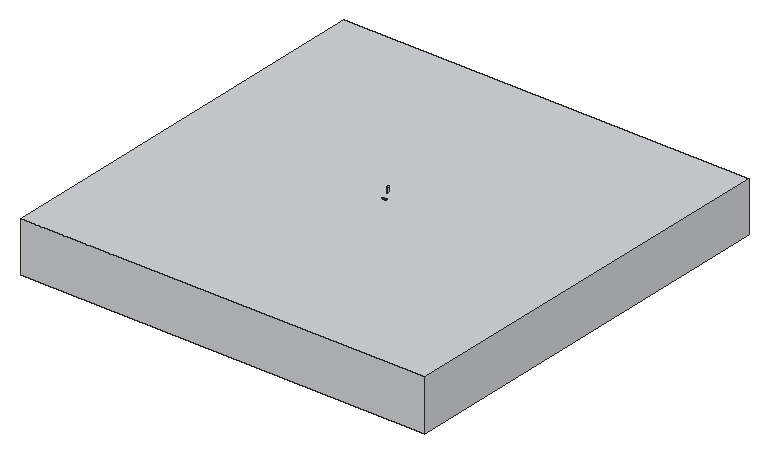
Revit family "IS_TonicII_Multiproduct_BIM_DE_A6326;A6327", category Plumbing Fixtures, host Face, Revit 2015
Parameters (values of type "A6327AA -")
  WorkingPressure = "1-5 Bar"
  WarrantyStartDate = "1900-12-31T23:59:59"
  WarrantyGuarantorParts = "n/a"
  WarrantyGuarantorLabor = "n/a"
  WarrantyDurationUnit = "n/a"
  WarrantyDurationParts = "n/a"
  WarrantyDurationLabor = "n/a"
  WarrantyDescription = "n/a"
  VolumeUnits = "Litres"
  Version = "1"
  Uniclass2015Version = "Products v1.1"
  Uniclass2015Title = "Water supply fittings for wash basins and troughs"
  Uniclass2015Code = "Pr_40_20_87_98"
  URL = "www.idealstandard.com"
  TestPressure = "10 Bar"
  TagNumber = "n/a"
  SustainabilityPerformance = "n/a"
  SpareParts = "www.idealstandard.de/ersatzteile"
  Space = "Internal"
  Size = "155 x 145 x 51 mm"
  Shape = "Sculptured"
  SerialNumber = "n/a"
  Revision = "n/a"
  ReplacementCost = "n/a"
  ProductInformation = "www.idealstandard.de/produkte"
  Phone = "+49228 5210"
  NominalWidth = 51 mm
  NominalLength = 145 mm
  NominalHeight = 154.569 mm
  NominalDepth = 145 mm
  NettWeight = "1.8 Kg"
  Name = "WashBasinTaps_TonicII_A6327_IdealStandard"
  NBSTypeID = "n/a"
  NBSReference = "45-35-70/371"
  NBSOfficeMasterTag = "n/a"
  NBSNote = "n/a"
  NBSDescription = "Water supply fitting for wash basins and troughs"
  NBSCertification = "n/a"
  ModelReference = "Tonic ii single lever basin mixer with pop-up waste"
  ModelNumber = "A6326AA"
  Model = "A6326AA"
  ManufacturerURL = "www.idealstandard.com"
  Manufacturer = "idealstandard.de@idealstandard.com"
  LinearUnits = "millimeters"
  InstallationInstructions = "www.idealstandard.de\\produkte"
  InstallationDate = "1900-12-31T23:59:59"
  IfcExportType = "FAUCET"
  IfcExportAs = "IfcValveType"
  Help = "idealstandard.de@idealstandard.com"
  GrossWeight = "n/a"
  Grade = "n/a"
  Finish = "Chrome"
  Features = "TONIC II single lever one hole basin mixer with pop-up waste"
  FaucetType = "Other"
  FaucetTopDescription = "Lever"
  FaucetOperation = "Other"
  FaucetFunction = "MIXED"
  ExpectedLife = "25"
  DurationUnit = "year"
  DistributedBy = "n/a"
  Description = "A6326AA TONIC II single lever one hole basin mixer with pop-up waste"
  Default Elevation = 1219.2 mm
  CurrencyUnit = "n/a"
  Constituents = "n/a"
  ConnectionType = "Plumbing"
  Brand = "Ideal Standard"
  BarCode = "4015413334938"
  BIMObjectName = "ISI_IdealStandard_WashBasinTaps_TonicII_A6327"
  Author = "Ideal Standard GmbH"
  AssetType = "Fixed"
  AssetIdentifier [instance] = "n/a"
  Assembly Code = "C1030200"
  AreaUnits = "millimeters"
  AreaMeasurement = "n/a"
  AccessibilityPerformance = "n/a"
  A6326AA = yes
Types (2, lengths in mm): name | Size | NominalLength | NominalDepth | Name | BIMObjectName
  A6326AA - | "155 x 0 x 51 mm" | 0 | 0 | "WashBasinTaps_TonicII_A6326_IdealStandard" | "ISI_IdealStandard_WashBasinTaps_TonicII_A6326"
  A6327AA - | "155 x 145 x 51 mm" | 145 | 145 | "WashBasinTaps_TonicII_A6327_IdealStandard" | "ISI_IdealStandard_WashBasinTaps_TonicII_A6327"
Reference planes
  plane 1 "Center (Front/Back)": y = 0
  plane 2: z = 0
  plane 3 "Center (Left/Right)": x = 0
  plane 4: x = 7
  plane 5: y = 24.026
  plane 6: z = 22
  plane 7: z = 55
  plane 8: z = 154.569
Forms (mm)
  Extrusion 1, solid
    sketch origin (0, 0, 0) x (1, 0, 0) y (0, 1, 0)
      loop
        line (-1219.2, 1219.2) -> (-1219.2, -1219.2) -> (1219.2, -1219.2) -> (1219.2, 1219.2) -> (-1219.2, 1219.2)
    from 0 to -304.8
  Extrusion 2, solid, material "ISI_IdealStandard_Brassware_Chrome3_Render", detail levels medium+fine
    sketch origin (0, 0, 0) x (1, 0, 0) y (0, 1, 0)
      loop
        circle (7, 0) r 5
      loop
        circle (-7, 0) r 5
    from 0 to -100
  Extrusion 3, solid, material "ISI_IdealStandard_Brassware_Chrome3_Render", visible <- "A6326AA", detail levels medium+fine
    sketch origin (-13.5, 24.026, 1219.2) x (-1, 0, 0) y (0, 0, 1)
      loop
        arc (-9.5, -1168.2) -> (-13.5, -1164.2) -> (-17.5, -1168.2) r 4
        line (-17.5, -1168.2) -> (-17.5, -1193.2)
        arc (-17.5, -1193.2) -> (-13.5, -1197.2) -> (-9.5, -1193.2) r 4
        line (-9.5, -1193.2) -> (-9.5, -1168.2)
    from 0 to 8
Dimensions and locks
  "NominalHeight": plane 8 to plane 2
  "NominalWidth": nested 2 to nested 2
  aligned and locked: plane 2 to Extrusion 1
  aligned and locked: level to Extrusion 1
  aligned and locked: plane 3 "Center (Left/Right)" to nested 1
  aligned and locked: plane 1 "Center (Front/Back)" to nested 1
  aligned and locked: plane 1 "Center (Front/Back)" to nested 2
  aligned and locked: plane 3 "Center (Left/Right)" to nested 2
Automatic sketch dimensions
  Extrusion 1 sketch curve to Extrusion 1 sketch curve = 2438.4 mm  (x2)
  plane 1 "Center (Front/Back)" to Extrusion 2 sketch curve = 0 mm  (x2)
  Extrusion 2 sketch curve to plane 4 = 0 mm
  Extrusion 2 sketch curve to plane 3 "Center (Left/Right)" = 7 mm
  Extrusion 3 sketch curve to plane 3 "Center (Left/Right)" = 0 mm
  Extrusion 3 sketch curve to plane 4 = 3 mm
  plane 6 to Extrusion 3 sketch curve = 4 mm
  Extrusion 3 sketch curve to plane 7 = 4 mm
  radius of Extrusion 2 sketch curve = 5 mm  (x2)
Nested families
  nested 1: "a6326aa_bim" at (0, 0, 0), type "a6326aa_bim", detail levels medium+fine
  nested 2: "IS_TonicII_Multiproduct_BIM_GB;A6326;A6327-FloorPlan-Ref-Level" at (0, 0, 0), type "IS_TonicII_Multiproduct_BIM_GB;A6326;A6327-FloorPlan-Ref-Level"
Connectors
  piping at (7, 0, -100), diameter 21
    settings: on Extrusion 2, index 1, connector inside diameter 0.82677", connector length 0 mm, flow factor 0, pipe flow 0 GPM, pressure drop 0.00 psi, fitting loss kfactor 0, connector angle 0.00°, fixture units 0, engagement length 0 mm, angle of deflection 0.00°, flow configuration 2, flow direction 1, fitting loss method 0, system type 20, joint type 0, gender type 0, connector reference index -1, connector utility 0, adjustable connector no, is connector primary yes, connector description ""
  piping at (-7, 0, -100), diameter 21
    settings: on Extrusion 2, index 2, connector inside diameter 0.82677", connector length 0 mm, flow factor 0, pipe flow 0 GPM, pressure drop 0.00 psi, fitting loss kfactor 0, connector angle 0.00°, fixture units 0, engagement length 0 mm, angle of deflection 0.00°, flow configuration 2, flow direction 1, fitting loss method 0, system type 19, joint type 0, gender type 0, connector reference index -1, connector utility 0, adjustable connector no, is connector primary no, connector description ""
Definition of nested family "a6326aa_bim"
  Parameters
    URL = ""
    Type Comments = ""
    Model = ""
    Manufacturer = ""
    Description = ""
    Cost = 0
  Reference planes
    plane 1: y = 0
    plane 2: z = 0
    plane 3: x = 0
Definition of nested family "IS_TonicII_Multiproduct_BIM_GB;A6326;A6327-FloorPlan-Ref-Level"
  Reference planes
    plane 1 "Center (Front/Back)": y = 0
    plane 2: z = 0
    plane 3 "Center (Left/Right)": x = 0
  Dimensions and locks
    aligned and locked: plane 1 "Center (Front/Back)" to import instance
